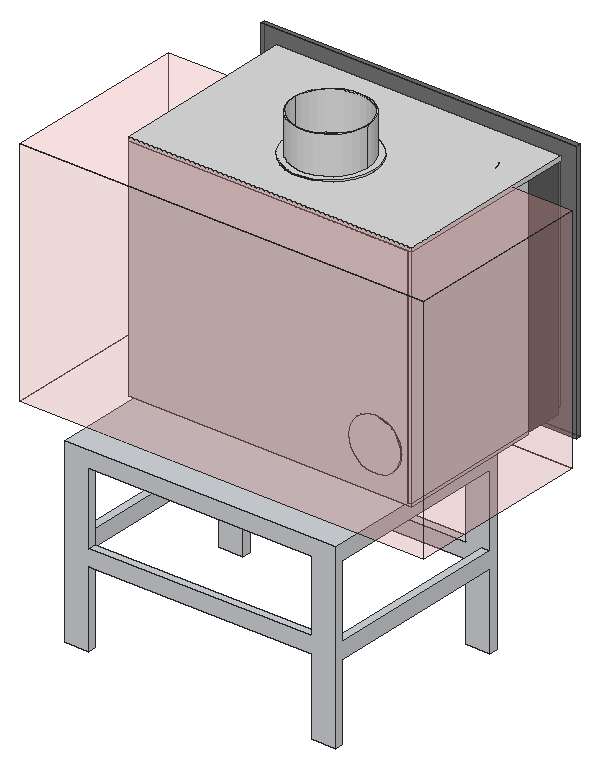
Revit family "FOGO MONTANHA-DESIGN-E709-STEEL DOOR-R19-V00", category Mechanical Equipment, host Wall, Revit 2019
Family settings
  Host = Wall
  Round Connector Dimension = Use Diameter
  Part Type = Normal
  OmniClass Number = 23.19.17.00
  Always vertical = Yes
  Cut with Voids When Loaded = No
  Shared = No
  Room Calculation Point = No
Parameters (values of type "Black Steel Door-4 sided Glass Frame 50mm")
  r_SmallDuct_Top = Diameter / 2  # 50 mm
  r_CentralDuct_Top = F / 2  # 90 mm
  r_Duct_back = 65 mm
  V = 214
  Support Table [instance] = yes
  Pu = 6.6
  Power = 9.3 kW
  Pn = 9.4
  P = 105
  Glass = Fogo Montanha-Glass
  Frame Type = FOGO MONTANHA-DESIGN-4L FRAME : E709-50mm-Glass
  Electrical Power = 32 W
  Electric tension = 230 V
  Efficiency at nominal power = "76%"
  Door_Glass_Offset = 70 mm
  Diameter = 100 mm
  Dark Glass = Fogo Montanha-Dark Glass
  URL = "https://welcome.fogo-montanha.com/pesquisar/PA2019P017"
  Door_Position = 5 mm  # constant formula
  Door = Fogo Montanha-Black Steel
  Offset_Door-Frame = 26.7 mm
  Model = "Design-E709"  # constant formula
  Manufacturer URL = "www.fogo-montanha.com"
  Manufacturer = "Fogo Montanha"  # constant formula
  Height from Level [instance] = 450 mm
  Version = "v00"  # constant formula
  Uniformat II Description = "Heat Generating Systems"  # constant formula
  Uniformat II Code = "D3020"  # constant formula
  Uniclass 2015 Name = "Space heaters"  # constant formula
  Uniclass 2015 Code = "TE_70_10_20_80"  # constant formula
  Uniclass 2.0 Description = "Space Heating And Cooling Products"  # constant formula
  Uniclass 2.0 Code = "PR-70-60-36-74"  # constant formula
  Uniclass 1.4 Description = "Fireplaces"  # constant formula
  Uniclass 1.4 Code = "L828"  # constant formula
  UNSPSC Description = "Space Heaters"  # constant formula
  UNSPSC Code = "40101819"  # constant formula
  Reference = "PA2019P017"
  Publication date = "08/2022"  # constant formula
  Number of Poles = 1
  NBS Reference Description = "Room Heaters"  # constant formula
  NBS Reference Code = "60-36-74"  # constant formula
  Masterformat 2014 Description = "Fireplaces and Stoves"  # constant formula
  Masterformat 2014 Code = "10 30 00"  # constant formula
  K = B + 13 mm  # 577 mm
  J = A + 17 mm  # 707 mm
  IfcExportType = "IfcSpaceHeaterType"  # constant formula
  IfcExportAs = "IfcSpaceHeater"  # constant formula
  G = 275 mm
  F = 180 mm
  Offset_Duct_Back = 90 mm
  Clearance Zone Visible [instance] = yes
  Clearance Zone = 150 mm
  Cl = 2.8
  CO2 = 8.6
  CO 13% O2 = 0.07
  Aux_Duct_Top = 120 mm
  Det_Door = -1 mm
  Description = "Inseríveis a lenha com ventilação tangencial incluída de série, disponíveis em preto, cinza ou porta em vidro. Incluem porta com sistema de fecho automático, ar externo canalizável através de um kit opcional, dupla combustão e câmara estanque. Possibilidade de regulação da ventilação através de um controlador GLA que, com a inclusão de um Damper, permitirá também o controlo do ar de combustão. Kit wi-fi opcional para gestão do controlador GLA à distância através de smartphone."  # constant formula
  D = 465 mm
  Body = Fogo Montanha-Steel Galvanized
  Base_Offset [instance] = if(and(Height from Level < 300 mm, Support Table), 300 mm, if(and(Height from Level > 545 mm, Support Table), 545 mm, Height from Level))  # 450 mm
  E = B  # 564 mm
  C = A  # 690 mm
  BIM Modeler URL = "www.stratbim.com"
  BIM Modeler = "StratBIM"
  B = 564 mm
  Assembly Code = "D3020"
  A = 690 mm
Types (6, lengths in mm): name | Frame Type
  Black Steel Door-4 sided Glass Frame 50mm | FOGO MONTANHA-DESIGN-4L FRAME : E709-50mm-Glass
  Black Steel Door-3 sided Glass Frame 50mm | FOGO MONTANHA-DESIGN-3L FRAME : E709-50mm-Glass
  Black Steel Door-4 sided Black Steel Frame 20mm | FOGO MONTANHA-DESIGN-4L FRAME : E709-20mm-Black Steel
  Black Steel Door-4 sided Black Steel Frame 45mm | FOGO MONTANHA-DESIGN-4L FRAME : E709-45mm-Black Steel
  Black Steel Door-3 sided Black Steel Frame 20mm | FOGO MONTANHA-DESIGN-3L FRAME : E709-20mm-Black Steel
  Black Steel Door-3 sided Black Steel Frame 45mm | FOGO MONTANHA-DESIGN-3L FRAME : E709-45mm-Black Steel
Reference planes
  plane 1 "Wall": y = 0
  plane 2 "Center (Left/Right)": x = 0
  plane 3 "Front": y = 75
  plane 4 "2": x = 345
  plane 5 "3": x = -345
  plane 6 "4": x = -345
  plane 7 "5": x = 345
  plane 8 "6": x = -353.5
  plane 9 "7": x = 353.5
  plane 10 "K'": z = 1027
  plane 11 "K": z = 450
  plane 12: y = -200
  plane 13: y = -390
  plane 14 "8": x = -50
  plane 15 "9": x = 50
  plane 16 "10": x = 263.5
  plane 17: z = 738.5
  plane 18 "B'": z = 1020.5
  plane 19 "B": z = 456.5
  plane 20 "E'": z = 1020.5
  plane 21 "E": z = 456.5
  plane 22 "L": z = 558.7
  plane 23: y = -46
  plane 24 "M": x = -233.5
  plane 25 "M'": x = 233.5
  plane 26: z = 462
  plane 27 "S": x = -348.5
  plane 28 "T": x = 348.5
  plane 29 "U": x = 321.8
  plane 30 "V": x = -321.8
  plane 31: z = 993.8
  plane 32: z = 488.7
  plane 33: z = 558.7
  plane 34: z = 923.8
  plane 35 "W": x = 251.8
  plane 36 "X": x = -251.8
  plane 37: y = -340
  plane 38 "Y": x = 100
  plane 39 "AA": x = -100
  plane 40: y = 87
  plane 41 "BB": z = 1127
  plane 42 "Origin": z = 0
  plane 43: y = -25
Forms (mm)
  Extrusion 1, solid, material "Fogo Montanha-Steel Galvanized" <- "Body", detail levels coarse
    sketch origin (0, 75, 0) x (1, 0, 0) y (0, 0, 1)
      loop
        line (353.5, 450) -> (353.5, 1020.5) -> (-353.5, 1020.5) -> (-353.5, 450) -> (353.5, 450)
    from 0 to 465
  Extrusion 2, solid, material "Fogo Montanha-Steel Galvanized" <- "Body", detail levels medium+fine
    sketch origin (-353.5, 0, 0) x (0, 1, 0) y (0, 0, 1)
      loop
        line (-25, 456.5) -> (-25, 1020.5) -> (-200, 1020.5) -> (-390, 1020.5) -> (-390, 456.5) -> (-25, 456.5)
    from 0 to 8.5
  Extrusion 3, solid, material "Fogo Montanha-Steel Galvanized" <- "Body", detail levels medium+fine
    sketch origin (353.5, 30, 0) x (0, 1, 0) y (0, 0, -1)
      loop
        line (-55, -456.5) -> (-420, -456.5) -> (-420, -1020.5) -> (-230, -1020.5) -> (-55, -1020.5) -> (-55, -456.5)
    from 0 to 8.5
  Extrusion 4, solid, material "Fogo Montanha-Steel Galvanized" <- "Body", detail levels medium+fine
    sketch origin (1420, -390, 1200) x (1, 0, 0) y (0, 0, 1)
      loop
        line (-1075, -743.5) -> (-1075, -179.5) -> (-1765, -179.5) -> (-1765, -743.5) -> (-1075, -743.5)
    from 0 to -8
  Extrusion 5, solid, material "Fogo Montanha-Steel Galvanized" <- "Body", detail levels medium+fine
    sketch origin (2348.699, 225, 1020.5) x (1, 0, 0) y (0, 1, 0)
      loop
        line (-2702.199, -150) -> (-2702.199, -615) -> (-1995.199, -615) -> (-1995.199, -150) -> (-2702.199, -150)
      loop
        circle (-2348.699, -425) r 90
    from 10 to 0
  Extrusion 6, solid, material "Fogo Montanha-Steel Galvanized" <- "Body", detail levels medium+fine
    sketch origin (2348.699, 225, 456.5) x (1, 0, 0) y (0, 1, 0)
      loop
        line (-2702.199, -250) -> (-2702.199, -615) -> (-1995.199, -615) -> (-1995.199, -250) -> (-2702.199, -250)
    from -6.5 to 0
  Extrusion 7, solid, material "Fogo Montanha-Steel Galvanized" <- "Body", detail levels medium+fine
    sketch origin (1420, -390, 1200) x (1, 0, 0) y (0, 0, 1)
      loop
        circle (-1156.5, -641.3) r 65
    from 0 to 1
  Sweep 8, solid, material "Fogo Montanha-Steel Galvanized" <- "Body"
    path in 3D
      loop
        arc (-90, -200, 1027) -> (0, -290, 1027) -> (90, -200, 1027) r 90
        arc (90, -200, 1027) -> (0, -110, 1027) -> (-90, -200, 1027) r 90
    profile origin (0, -110, 1027) x (0, -1, 0) y (0, 0, 1)
      loop
        line (0, 3.5) -> (0, 100) -> (-2, 100) -> (-2, 6.467) -> (-17, 6.467) -> (-17, 3.5) -> (0, 3.5)
  Extrusion 9, solid, material "Fogo Montanha-Dark Glass" <- "Dark Glass", detail levels medium+fine
    sketch origin (0, 75, 0) x (1, 0, 0) y (0, 0, 1)
      loop
        line (321.8, 488.7) -> (321.8, 993.8) -> (-321.8, 993.8) -> (-321.8, 488.7) -> (321.8, 488.7)
      loop
        line (251.8, 558.7) -> (251.8, 923.8) -> (-251.8, 923.8) -> (-251.8, 558.7) -> (251.8, 558.7)
    from 0 to -2
  Extrusion 10, solid, material "Fogo Montanha-Vermiculite", detail levels medium+fine
    sketch origin (-321.8, 0, 0) x (0, 1, 0) y (0, 0, 1)
      loop
        line (-25, 488.7) -> (-25, 923.8) -> (-200, 923.8) -> (-340, 738.5) -> (-340, 488.7) -> (-25, 488.7)
    from 0 to 8.5
  Extrusion 11, solid, material "Fogo Montanha-Vermiculite", detail levels medium+fine
    sketch origin (321.8, 0, 0) x (0, 1, 0) y (0, 0, 1)
      loop
        line (-25, 488.7) -> (-25, 923.8) -> (-200, 923.8) -> (-340, 738.5) -> (-340, 488.7) -> (-25, 488.7)
    from 0 to -8.5
  Extrusion 12, solid, material "Fogo Montanha-Vermiculite", detail levels medium+fine
    sketch origin (1420, -340, 1200) x (1, 0, 0) y (0, 0, 1)
      loop
        line (-1106.7, -711.3) -> (-1106.7, -461.5) -> (-1733.3, -461.5) -> (-1733.3, -711.3) -> (-1106.7, -711.3)
    from 0 to -8.5
  Extrusion 13, solid, material "Fogo Montanha-Vermiculite", detail levels medium+fine
    sketch origin (0, 0, 0) x (0, 1, 0) y (0, 0, 1)
      loop
        line (-200, 923.8) -> (-340, 738.5) -> (-329.009, 738.5) -> (-200, 910.392) -> (-200, 923.8)
    from -321.8 to 321.8
  Extrusion 14, solid, material "Fogo Montanha-Vermiculite", detail levels medium+fine
    sketch origin (2348.699, 225, 488.7) x (1, 0, 0) y (0, 1, 0)
      loop
        line (-2670.499, -250) -> (-2670.499, -565) -> (-2026.899, -565) -> (-2026.899, -250) -> (-2670.499, -250)
      loop
        line (-2248.699, -271) -> (-2448.699, -271) -> (-2448.699, -425) -> (-2248.699, -425) -> (-2248.699, -271)
    from 0 to 10
  Extrusion 15, solid, material "Fogo Montanha-Steel Galvanized", detail levels medium+fine
    sketch origin (2348.699, 225, 488.7) x (1, 0, 0) y (0, 1, 0)
      loop
        line (-2248.699, -271) -> (-2448.699, -271) -> (-2448.699, -425) -> (-2248.699, -425) -> (-2248.699, -271)
      loop
        line (-2435.699, -300) -> (-2361.699, -300)
        arc (-2361.699, -300) -> (-2359.578, -299.121) -> (-2358.699, -297) r 3
        line (-2358.699, -297) -> (-2358.699, -284)
        arc (-2358.699, -284) -> (-2359.578, -281.879) -> (-2361.699, -281) r 3
        line (-2361.699, -281) -> (-2435.699, -281)
        arc (-2435.699, -281) -> (-2437.82, -281.879) -> (-2438.699, -284) r 3
        line (-2438.699, -284) -> (-2438.699, -297)
        arc (-2438.699, -297) -> (-2437.82, -299.121) -> (-2435.699, -300) r 3
      loop
        arc (-2261.699, -300) -> (-2259.578, -299.121) -> (-2258.699, -297) r 3
        line (-2258.699, -297) -> (-2258.699, -284)
        arc (-2258.699, -284) -> (-2259.578, -281.879) -> (-2261.699, -281) r 3
        line (-2261.699, -281) -> (-2335.699, -281)
        arc (-2335.699, -281) -> (-2337.82, -281.879) -> (-2338.699, -284) r 3
        line (-2338.699, -284) -> (-2338.699, -297)
        arc (-2338.699, -297) -> (-2337.82, -299.121) -> (-2335.699, -300) r 3
        line (-2335.699, -300) -> (-2261.699, -300)
      loop
        line (-2435.699, -329) -> (-2361.699, -329)
        arc (-2361.699, -329) -> (-2359.578, -328.121) -> (-2358.699, -326) r 3
        line (-2358.699, -326) -> (-2358.699, -313)
        arc (-2358.699, -313) -> (-2359.578, -310.879) -> (-2361.699, -310) r 3
        line (-2361.699, -310) -> (-2435.699, -310)
        arc (-2435.699, -310) -> (-2437.82, -310.879) -> (-2438.699, -313) r 3
        line (-2438.699, -313) -> (-2438.699, -326)
        arc (-2438.699, -326) -> (-2437.82, -328.121) -> (-2435.699, -329) r 3
      loop
        arc (-2261.699, -329) -> (-2259.578, -328.121) -> (-2258.699, -326) r 3
        line (-2258.699, -326) -> (-2258.699, -313)
        arc (-2258.699, -313) -> (-2259.578, -310.879) -> (-2261.699, -310) r 3
        line (-2261.699, -310) -> (-2335.699, -310)
        arc (-2335.699, -310) -> (-2337.82, -310.879) -> (-2338.699, -313) r 3
        line (-2338.699, -313) -> (-2338.699, -326)
        arc (-2338.699, -326) -> (-2337.82, -328.121) -> (-2335.699, -329) r 3
        line (-2335.699, -329) -> (-2261.699, -329)
      loop
        line (-2435.699, -358) -> (-2361.699, -358)
        arc (-2361.699, -358) -> (-2359.578, -357.121) -> (-2358.699, -355) r 3
        line (-2358.699, -355) -> (-2358.699, -342)
        arc (-2358.699, -342) -> (-2359.578, -339.879) -> (-2361.699, -339) r 3
        line (-2361.699, -339) -> (-2435.699, -339)
        arc (-2435.699, -339) -> (-2437.82, -339.879) -> (-2438.699, -342) r 3
        line (-2438.699, -342) -> (-2438.699, -355)
        arc (-2438.699, -355) -> (-2437.82, -357.121) -> (-2435.699, -358) r 3
      loop
        arc (-2261.699, -358) -> (-2259.578, -357.121) -> (-2258.699, -355) r 3
        line (-2258.699, -355) -> (-2258.699, -342)
        arc (-2258.699, -342) -> (-2259.578, -339.879) -> (-2261.699, -339) r 3
        line (-2261.699, -339) -> (-2335.699, -339)
        arc (-2335.699, -339) -> (-2337.82, -339.879) -> (-2338.699, -342) r 3
        line (-2338.699, -342) -> (-2338.699, -355)
        arc (-2338.699, -355) -> (-2337.82, -357.121) -> (-2335.699, -358) r 3
        line (-2335.699, -358) -> (-2261.699, -358)
      loop
        line (-2435.699, -387) -> (-2361.699, -387)
        arc (-2361.699, -387) -> (-2359.578, -386.121) -> (-2358.699, -384) r 3
        line (-2358.699, -384) -> (-2358.699, -371)
        arc (-2358.699, -371) -> (-2359.578, -368.879) -> (-2361.699, -368) r 3
        line (-2361.699, -368) -> (-2435.699, -368)
        arc (-2435.699, -368) -> (-2437.82, -368.879) -> (-2438.699, -371) r 3
        line (-2438.699, -371) -> (-2438.699, -384)
        arc (-2438.699, -384) -> (-2437.82, -386.121) -> (-2435.699, -387) r 3
      loop
        arc (-2261.699, -387) -> (-2259.578, -386.121) -> (-2258.699, -384) r 3
        line (-2258.699, -384) -> (-2258.699, -371)
        arc (-2258.699, -371) -> (-2259.578, -368.879) -> (-2261.699, -368) r 3
        line (-2261.699, -368) -> (-2335.699, -368)
        arc (-2335.699, -368) -> (-2337.82, -368.879) -> (-2338.699, -371) r 3
        line (-2338.699, -371) -> (-2338.699, -384)
        arc (-2338.699, -384) -> (-2337.82, -386.121) -> (-2335.699, -387) r 3
        line (-2335.699, -387) -> (-2261.699, -387)
      loop
        line (-2435.699, -416) -> (-2361.699, -416)
        arc (-2361.699, -416) -> (-2359.578, -415.121) -> (-2358.699, -413) r 3
        line (-2358.699, -413) -> (-2358.699, -400)
        arc (-2358.699, -400) -> (-2359.578, -397.879) -> (-2361.699, -397) r 3
        line (-2361.699, -397) -> (-2435.699, -397)
        arc (-2435.699, -397) -> (-2437.82, -397.879) -> (-2438.699, -400) r 3
        line (-2438.699, -400) -> (-2438.699, -413)
        arc (-2438.699, -413) -> (-2437.82, -415.121) -> (-2435.699, -416) r 3
      loop
        arc (-2261.699, -416) -> (-2259.578, -415.121) -> (-2258.699, -413) r 3
        line (-2258.699, -413) -> (-2258.699, -400)
        arc (-2258.699, -400) -> (-2259.578, -397.879) -> (-2261.699, -397) r 3
        line (-2261.699, -397) -> (-2335.699, -397)
        arc (-2335.699, -397) -> (-2337.82, -397.879) -> (-2338.699, -400) r 3
        line (-2338.699, -400) -> (-2338.699, -413)
        arc (-2338.699, -413) -> (-2337.82, -415.121) -> (-2335.699, -416) r 3
        line (-2335.699, -416) -> (-2261.699, -416)
    from 0 to 10
  Extrusion 16, solid, material "Fogo Montanha-Black Steel", detail levels medium+fine
    sketch origin (0, 75, 0) x (1, 0, 0) y (0, 0, 1)
      loop
        line (321.8, 488.7) -> (321.8, 993.8) -> (-321.8, 993.8) -> (-321.8, 488.7) -> (-319.8, 488.7) -> (-319.8, 991.8) -> (319.8, 991.8) -> (319.8, 488.7) -> (321.8, 488.7)
    from 0 to 100
  Extrusion 17, solid, visible <- "Clearance Zone Visible"
    sketch origin (2348.699, 225, 1020.5) x (1, 0, 0) y (0, 1, 0)
      loop
        line (-2852.199, -300) -> (-2852.199, -765) -> (-1845.199, -765) -> (-1845.199, -300) -> (-1995.199, -300) -> (-1995.199, -615) -> (-2702.199, -615) -> (-2702.199, -300) -> (-2852.199, -300)
    from -570.5 to 6.5
  Extrusion 18, solid
    sketch origin (2348.699, 225, 1027) x (1, 0, 0) y (0, 1, 0)
      loop
        circle (-2115.199, -271) r 50
    from 0 to 1
  Extrusion 19, solid
    sketch origin (2348.699, 225, 1027) x (1, 0, 0) y (0, 1, 0)
      loop
        circle (-2582.199, -271) r 50
    from 0 to 1
  Extrusion 20, solid, material "Fogo Montanha-Black Steel", detail levels medium+fine
    sketch origin (1420, -25, 1200) x (1, 0, 0) y (0, 0, 1)
      loop
        line (-1098.2, -711.3) -> (-1098.2, -206.2) -> (-1741.8, -206.2) -> (-1741.8, -711.3) -> (-1098.2, -711.3)
      loop
        line (-1075, -750) -> (-1075, -179.5) -> (-1765, -179.5) -> (-1765, -750) -> (-1075, -750)
    from 0 to -10
  Extrusion 21, solid, material "Fogo Montanha-Black Steel", detail levels medium+fine
    sketch origin (0, 75, 0) x (1, 0, 0) y (0, 0, 1)
      loop
        line (321.8, 486.7) -> (321.8, 993.8) -> (-321.8, 993.8) -> (-321.8, 486.7) -> (321.8, 486.7)
      loop
        line (319.8, 488.7) -> (319.8, 991.8) -> (-319.8, 991.8) -> (-319.8, 488.7) -> (319.8, 488.7)
    from 0 to 100
  Extrusion 22, solid, material "Fogo Montanha-Black Steel", detail levels medium+fine
    sketch origin (0, 75, 0) x (1, 0, 0) y (0, 0, 1)
      loop
        line (347, 450) -> (347, 1020.5) -> (-347, 1020.5) -> (-347, 450) -> (347, 450)
      loop
        line (345, 452) -> (345, 1018.5) -> (-345, 1018.5) -> (-345, 452) -> (345, 452)
    from 0 to 100
  Extrusion 23, solid, material "Fogo Montanha-Dark Glass", detail levels medium+fine
    sketch origin (0, 75, 0) x (1, 0, 0) y (0, 0, 1)
      loop
        line (321.8, 488.7) -> (321.8, 993.8) -> (-321.8, 993.8) -> (-321.8, 488.7) -> (321.8, 488.7)
      loop
        line (-251.8, 558.7) -> (251.8, 558.7) -> (251.8, 923.8) -> (-251.8, 923.8) -> (-251.8, 558.7)
    from 0 to 2
  Extrusion 24, solid, material "Fogo Montanha-Glass" <- "Glass", detail levels medium+fine
    sketch origin (0, 75, 0) x (1, 0, 0) y (0, 0, 1)
      loop
        line (251.8, 558.7) -> (251.8, 923.8) -> (-251.8, 923.8) -> (-251.8, 558.7) -> (251.8, 558.7)
    from 0 to 2
  Extrusion 25, solid, material "Fogo Montanha-Steel", detail levels medium+fine
    sketch origin (0, 0, 0) x (0, 1, 0) y (0, 0, 1)
      loop
        line (-46, 952.8) -> (-46, 960.8) -> (-250, 960.8) -> (-250, 935.347) -> (-200, 935.347) -> (-180, 923.8) -> (-75, 923.8) -> (-46, 952.8)
    from -150 to 150
  Extrusion 26, solid, material "Fogo Montanha-Black Steel", detail levels medium+fine
    sketch origin (0, 0, 103.5) x (1, 0, 0) y (0, 0, 1)
      loop
        line (321.8, 385.2) -> (321.8, 890.3) -> (-321.8, 890.3) -> (-321.8, 385.2) -> (321.8, 385.2)
      loop
        line (-251.8, 455.2) -> (251.8, 455.2) -> (251.8, 820.3) -> (-251.8, 820.3) -> (-251.8, 455.2)
    from -20 to -22
  Extrusion 27, solid, material "Fogo Montanha-Black Steel", detail levels medium+fine
    sketch origin (0, 75, 107.7) x (1, 0, 0) y (0, 0, 1)
      loop
        line (321.8, 451) -> (-321.8, 451) -> (-321.8, 449) -> (321.8, 449) -> (321.8, 451)
    from 2 to 53
Cuts and joins
  joined: Extrusion 10, Extrusion 11, Extrusion 12, Extrusion 13, Extrusion 14
  joined: Extrusion 21, Extrusion 27
  joined: Extrusion 16, Extrusion 26
  joined: Extrusion 2, Extrusion 4, Extrusion 6
Lines and regions (mm)
  Opening 1
    outline origin (-5000, -75, 0) x (1, 0, 0) y (0, 0, 1)
      loop
        line (4646.5, 450) -> (5353.5, 450) -> (5353.5, 1027) -> (4646.5, 1027) -> (4646.5, 450)
  reference lines
    curve 1: circle (0, -200, 1027) r 90 normal (0, 0, 1)
    curve 2: circle (263.5, 75, 558.7) r 65 normal (0, -1, 0)
    curve 4: circle (-233.5, -46, 1020.5) r 50 normal (0, 0, 1)
    curve 5: circle (233.5, -46, 1020.5) r 50 normal (0, 0, 1)
  sketch lines
    curve 3: circle (0, -200, 1027) r 90 normal (0, 0, 1)
Text (mm)
  text "Placement side" at (-1304.494, 278.82, 0), in view "Ref. Level"
  text "Placement side" at (0, 1334.055, 2976.191), in view "Left"
  text "Placement side" at (0, 439.194, 2944.362), in view "Right"
Dimensions and locks
  locked: plane 3 "Front" to host wall at 0
  "C": plane 4 "2" to plane 5 "3"
  equal spacing: plane 4 "2", plane 2 "Center (Left/Right)", plane 5 "3"
  equal spacing: plane 7 "5", plane 2 "Center (Left/Right)", plane 6 "4"
  "A": plane 7 "5" to plane 6 "4"
  equal spacing: plane 9 "7", plane 2 "Center (Left/Right)", plane 8 "6"
  "J": plane 8 "6" to plane 9 "7"
  "K": plane 11 "K" to plane 10 "K'"
  "Base_Offset": level to plane 11 "K"
  equal spacing: plane 14 "8", plane 2 "Center (Left/Right)", plane 15 "9"
  plane 14 "8" to plane 15 "9" = 100 mm
  equal spacing: plane 11 "K", plane 17, plane 10 "K'"
  equal spacing: plane 19 "B", plane 17, plane 18 "B'"
  "B": plane 19 "B" to plane 18 "B'"
  equal spacing: plane 21 "E", plane 17, plane 20 "E'"
  "E": plane 21 "E" to plane 20 "E'"
  "Offset_Duct_Back": plane 9 "7" to plane 16 "10"
  locked: plane 11 "K" to plane 22 "L" at 108.7
  "Aux_Duct_Top": plane 8 "6" to plane 24 "M"
  "Aux_Duct_Top": plane 25 "M'" to plane 9 "7"
  "Offset_Door-Frame": plane 26 to plane 32
  "Offset_Door-Frame": plane 28 "T" to plane 29 "U"
  "Offset_Door-Frame": plane 30 "V" to plane 27 "S"
  "Door_Glass_Offset": plane 32 to plane 33
  "Door_Glass_Offset": plane 34 to plane 31
  "Door_Glass_Offset": plane 29 "U" to plane 35 "W"
  "Door_Glass_Offset": plane 36 "X" to plane 30 "V"
  locked: plane 13 to plane 37 at 50
  locked: plane 3 "Front" to plane 40 at 12
  Extrusion 15 sketch curve to Extrusion 15 sketch curve to Extrusion 15 sketch curve to Extrusion 15 sketch curve to Extrusion 15 sketch curve to Extrusion 15 sketch curve = 10 mm locked, 80 mm locked, 20 mm locked, 80 mm locked, 10 mm locked
  Extrusion 15 sketch curve to Extrusion 15 sketch curve to Extrusion 15 sketch curve to Extrusion 15 sketch curve to Extrusion 15 sketch curve to Extrusion 15 sketch curve to Extrusion 15 sketch curve to Extrusion 15 sketch curve to Extrusion 15 sketch curve to Extrusion 15 sketch curve to Extrusion 15 sketch curve to Extrusion 15 sketch curve = 10 mm locked, 19 mm locked, 10 mm locked, 19 mm locked, 10 mm locked, 19 mm locked, 10 mm locked, 19 mm locked, 10 mm locked, 19 mm locked, 9 mm locked
  "Door_Position": plane 9 "7" to plane 28 "T"
  "Door_Position": plane 27 "S" to plane 8 "6"
  locked: plane 43 to plane 3 "Front" at 100
  "Clearance Zone": Extrusion 17 sketch curve to Extrusion 17 sketch curve  (x3)
  locked: Extrusion 9 to Extrusion 16 at 2
  locked: Extrusion 16 to Extrusion 9 at 2  (x2)
  locked: Extrusion 21 sketch curve to Extrusion 9 at 2
  "Offset_Door-Frame": plane 31 to plane 20 "E'"
  locked: plane 10 "K'" to plane 41 "BB" at 100
  Extrusion 27 sketch curve to plane 33 = 2 mm
  plane 11 "K" to Extrusion 22 sketch curve = 2 mm
  locked: Extrusion 22 sketch curve to plane 20 "E'" at 2
  locked: Extrusion 22 sketch curve to plane 7 "5" at 2
  locked: plane 6 "4" to Extrusion 22 sketch curve at 2
  plane 11 "K" to plane 21 "E" = 6.5 mm
  locked: plane 11 "K" to plane 26 at 12
  locked: plane 23 to plane 43 at 21
  locked: plane 12 to plane 23 at 154
  locked: plane 37 to plane 12 at 140
  locked: plane 43 to plane 1 "Wall" at 25
  locked: cut or joined group of Extrusion 16, Extrusion 26 to plane 40 at 65
  locked: cut or joined group of Extrusion 16, Extrusion 26 to cut or joined group of Extrusion 16, Extrusion 26 at 2
  "r_CentralDuct_Top": radius of curve 1
  "r_Duct_back": radius of curve 2
  "r_SmallDuct_Top": radius of curve 5
  "r_SmallDuct_Top": radius of curve 4
  aligned and locked: plane 8 "6" to Opening 1 sketch curve
  aligned and locked: Opening 1 sketch curve to plane 9 "7"
  aligned and locked: plane 10 "K'" to Opening 1 sketch curve
  aligned and locked: plane 11 "K" to Opening 1 sketch curve
  aligned and locked: plane 8 "6" to Extrusion 1 sketch curve
  aligned and locked: Extrusion 1 sketch curve to plane 9 "7"
  aligned and locked: plane 18 "B'" to Extrusion 1 sketch curve
  aligned and locked: plane 13 to Extrusion 1
  aligned and locked: plane 19 "B" to Extrusion 2 sketch curve
  aligned and locked: plane 18 "B'" to Extrusion 2 sketch curve
  aligned and locked: plane 13 to Extrusion 2 sketch curve
  aligned and locked: Extrusion 3 sketch curve to plane 18 "B'"
  aligned and locked: Extrusion 3 sketch curve to plane 13
  aligned and locked: Extrusion 3 sketch curve to plane 19 "B"
  aligned and locked: plane 4 "2" to Extrusion 4 sketch curve
  aligned and locked: plane 5 "3" to Extrusion 4 sketch curve
  aligned and locked: plane 21 "E" to Extrusion 4 sketch curve
  aligned and locked: plane 20 "E'" to Extrusion 4 sketch curve
  aligned and locked: plane 5 "3" to Extrusion 2
  aligned and locked: Extrusion 3 to plane 4 "2"
  aligned and locked: Extrusion 5 sketch curve to plane 8 "6"
  aligned and locked: plane 9 "7" to Extrusion 5 sketch curve
  aligned and locked: Extrusion 5 sketch curve to plane 13
  aligned and locked: Extrusion 5 sketch curve to curve 1
  aligned and locked: plane 9 "7" to Extrusion 6 sketch curve
  aligned and locked: Extrusion 6 sketch curve to plane 8 "6"
  aligned and locked: Extrusion 6 sketch curve to plane 13
  aligned and locked: Extrusion 7 sketch curve to curve 2
  aligned and locked: plane 24 "M" to curve 4
  aligned and locked: plane 23 to curve 4
  aligned and locked: plane 23 to curve 5
  aligned and locked: plane 25 "M'" to curve 5
  aligned and locked: plane 32 to Extrusion 9 sketch curve
  aligned and locked: Extrusion 9 sketch curve to plane 29 "U"
  aligned and locked: Extrusion 9 sketch curve to plane 31
  aligned and locked: plane 30 "V" to Extrusion 9 sketch curve
  aligned and locked: Extrusion 10 to plane 32
  aligned and locked: plane 34 to Extrusion 10 sketch curve
  aligned and locked: plane 12 to Extrusion 10 sketch curve
  aligned and locked: Extrusion 12 to Extrusion 10
  aligned and locked: Extrusion 12 to Extrusion 11
  aligned and locked: Extrusion 11 sketch curve to Extrusion 12
  aligned and locked: Extrusion 10 sketch curve to plane 37
  aligned and locked: plane 17 to Extrusion 12
  aligned and locked: plane 17 to Extrusion 10 sketch curve
  aligned and locked: plane 17 to Extrusion 11 sketch curve
  aligned and locked: Extrusion 13 sketch curve to Extrusion 10
  aligned and locked: plane 17 to Extrusion 13 sketch curve
  aligned and locked: plane 12 to Extrusion 13 sketch curve
  aligned and locked: plane 29 "U" to Extrusion 13
  aligned and locked: Extrusion 13 to plane 30 "V"
  aligned and locked: Extrusion 10 to Extrusion 12
  aligned and locked: Extrusion 14 sketch curve to plane 30 "V"
  aligned and locked: Extrusion 14 sketch curve to plane 37
  aligned and locked: Extrusion 14 sketch curve to plane 29 "U"
  aligned and locked: plane 12 to Extrusion 14 sketch curve
  aligned and locked: Extrusion 14 sketch curve to plane 23
  aligned and locked: Extrusion 14 sketch curve to plane 39 "AA"
  aligned and locked: plane 38 "Y" to Extrusion 14 sketch curve
  aligned and locked: Extrusion 15 sketch curve to plane 38 "Y"
  aligned and locked: Extrusion 15 sketch curve to plane 23
  aligned and locked: Extrusion 15 to plane 32
  aligned and locked: Extrusion 14 to Extrusion 15
  aligned and locked: Extrusion 15 sketch curve to Extrusion 15 sketch curve  (x26)
  aligned and locked: nested 1 to plane 2 "Center (Left/Right)"
  aligned and locked: plane 41 "BB" to Sweep 8 sketch curve
  aligned and locked: Extrusion 5 to Sweep 8 sketch curve
  aligned and locked: level to plane 42 "Origin"
  aligned and locked: Extrusion 10 sketch curve to plane 43
  aligned and locked: plane 43 to Extrusion 3 sketch curve
  aligned and locked: Extrusion 2 sketch curve to plane 43
  aligned and locked: plane 29 "U" to Extrusion 16 sketch curve
  aligned and locked: plane 31 to Extrusion 16 sketch curve
  aligned and locked: plane 30 "V" to Extrusion 16 sketch curve
  aligned and locked: Extrusion 16 sketch curve to plane 32
  aligned and locked: plane 32 to Extrusion 16 sketch curve
  aligned and locked: plane 43 to Extrusion 16
  aligned and locked: Extrusion 14 sketch curve to plane 43
  aligned and locked: Extrusion 17 sketch curve to host wall
  aligned and locked: host wall to Extrusion 17 sketch curve
  aligned and locked: Extrusion 17 to host wall  (x2)
  aligned and locked: Extrusion 18 sketch curve to curve 5
  aligned and locked: Extrusion 19 sketch curve to curve 4
  aligned and locked: Extrusion 6 to plane 11 "K"
  aligned and locked: nested 1 to plane 17
  aligned and locked: Extrusion 22 sketch curve to plane 7 "5"
  aligned and locked: Extrusion 22 sketch curve to plane 20 "E'"
  aligned and locked: plane 6 "4" to Extrusion 22 sketch curve
  aligned and locked: plane 31 to Extrusion 23 sketch curve
  aligned and locked: Extrusion 23 sketch curve to plane 30 "V"
  aligned and locked: plane 29 "U" to Extrusion 23 sketch curve
  aligned and locked: Extrusion 23 sketch curve to plane 32
  aligned and locked: Extrusion 6 to Extrusion 2
  aligned and locked: plane 35 "W" to Extrusion 9 sketch curve
  aligned and locked: plane 34 to Extrusion 9 sketch curve
  aligned and locked: plane 36 "X" to Extrusion 9 sketch curve
  aligned and locked: plane 33 to Extrusion 9 sketch curve
  aligned and locked: plane 35 "W" to Extrusion 24 sketch curve
  aligned and locked: plane 34 to Extrusion 24 sketch curve
  aligned and locked: plane 33 to Extrusion 24 sketch curve
  aligned and locked: plane 36 "X" to Extrusion 24 sketch curve
  aligned and locked: Extrusion 11 sketch curve to plane 43
  aligned and locked: plane 23 to Extrusion 25 sketch curve
  aligned and locked: Extrusion 27 to Extrusion 26
  aligned and locked: Extrusion 27 sketch curve to plane 33
  aligned and locked: plane 29 "U" to Extrusion 26 sketch curve
  aligned and locked: Extrusion 26 sketch curve to plane 30 "V"
  aligned and locked: plane 29 "U" to Extrusion 27
  aligned and locked: Extrusion 27 to plane 30 "V"
  aligned and locked: Extrusion 26 sketch curve to plane 34
  aligned and locked: plane 31 to Extrusion 26 sketch curve
  aligned and locked: plane 9 "7" to Extrusion 17 sketch curve
  aligned and locked: Extrusion 17 sketch curve to plane 8 "6"
  aligned and locked: plane 13 to Extrusion 17 sketch curve
  aligned and locked: Extrusion 20 sketch curve to plane 20 "E'"
  aligned and locked: Extrusion 20 sketch curve to plane 31
  aligned and locked: Extrusion 20 sketch curve to plane 32
  aligned and locked: Extrusion 20 sketch curve to plane 7 "5"
  aligned and locked: Extrusion 20 sketch curve to plane 29 "U"
  aligned and locked: Extrusion 20 sketch curve to plane 6 "4"
  aligned and locked: Extrusion 20 sketch curve to plane 30 "V"
  aligned and locked: plane 33 to Extrusion 26 sketch curve
  aligned and locked: Extrusion 26 sketch curve to plane 32
  aligned and locked: Extrusion 1 sketch curve to plane 11 "K"
  aligned and locked: Extrusion 22 sketch curve to plane 11 "K"
  aligned and locked: Extrusion 20 sketch curve to plane 11 "K"
  aligned and locked: nested 2 to plane 2 "Center (Left/Right)"
  aligned and locked: nested 2 to host wall
  aligned and locked: Extrusion 27 to cut or joined group of Extrusion 16, Extrusion 26
  aligned and locked: Extrusion 27 to Extrusion 23
Automatic sketch dimensions
  Extrusion 2 sketch curve to plane 12 = 0 mm
  Extrusion 3 sketch curve to plane 12 = 0 mm
  Extrusion 5 sketch curve to host wall = 0 mm
  Sweep 8 sketch curve to profile plane = 0 mm
  profile plane to Sweep 8 sketch curve = 2 mm
  profile plane to Sweep 8 sketch curve = 6.467 mm
  Sweep 8 sketch curve to Sweep 8 sketch curve = 15 mm
  Extrusion 10 sketch curve to plane 32 = 0 mm
  Extrusion 12 sketch curve to plane 32 = 0 mm
  Extrusion 12 sketch curve to plane 17 = 0 mm
  plane 30 "V" to Extrusion 12 sketch curve = 8.5 mm
  Extrusion 12 sketch curve to plane 29 "U" = 8.5 mm
  Extrusion 13 sketch curve to plane 37 = 10.991 mm
  Extrusion 13 sketch curve to plane 34 = 13.408 mm
  Extrusion 15 sketch curve to Extrusion 15 sketch curve = 3 mm  (x40)
  plane 30 "V" to Extrusion 16 sketch curve = 2 mm
  Extrusion 16 sketch curve to plane 29 "U" = 2 mm
  Extrusion 16 sketch curve to plane 31 = 2 mm
  Extrusion 21 sketch curve to plane 30 "V" = 0 mm
  Extrusion 21 sketch curve to plane 32 = 0 mm
  Extrusion 21 sketch curve to plane 29 "U" = 0 mm
  Extrusion 21 sketch curve to plane 31 = 0 mm
  plane 30 "V" to Extrusion 21 sketch curve = 2 mm
  Extrusion 21 sketch curve to plane 29 "U" = 2 mm
  Extrusion 21 sketch curve to plane 31 = 2 mm
  Extrusion 23 sketch curve to plane 34 = 0 mm
  Extrusion 23 sketch curve to plane 36 "X" = 0 mm
  Extrusion 23 sketch curve to plane 22 "L" = 0 mm
  Extrusion 23 sketch curve to plane 35 "W" = 0 mm
  Extrusion 11 sketch curve to plane 12 = 0 mm
  Extrusion 11 sketch curve to plane 34 = 0 mm
  Extrusion 11 sketch curve to plane 32 = 0 mm
  Extrusion 26 sketch curve to plane 24 "M" = 18.3 mm
  Extrusion 26 sketch curve to plane 25 "M'" = 18.3 mm
  Extrusion 27 sketch curve to plane 36 "X" = 70 mm
  plane 16 "10" to Extrusion 27 sketch curve = 58.3 mm
  plane 43 to Extrusion 6 sketch curve = 0 mm
  Extrusion 25 sketch curve to plane 12 = 0 mm
  Extrusion 25 sketch curve to plane 34 = 0 mm
  plane 34 to Extrusion 25 sketch curve = 11.547 mm
  Extrusion 25 sketch curve to Extrusion 25 sketch curve = 50 mm
  plane 23 to Extrusion 25 sketch curve = 29 mm
  plane 34 to Extrusion 25 sketch curve = 29 mm
  Extrusion 25 sketch curve to plane 12 = 20 mm
  Extrusion 25 sketch curve to Extrusion 25 sketch curve = 8 mm
  curve 2 to plane 16 "10" = 0 mm
  curve 2 to plane 22 "L" = 0 mm
  curve 4 to plane 24 "M" = 0 mm
  curve 1 to plane 2 "Center (Left/Right)" = 0 mm
  plane 12 to curve 1 = 0 mm
Nested families
  nested 1: "FOGO MONTANHA-DESIGN-4L FRAME" at (0, 75, 738.5) x (-1, 0, 0) z (0, 1, 0), type <- "Frame Type", type "E709-50mm-Glass"
    with Width 50 mm, B 556 mm, A 688 mm
  nested 2: "FOGO MONTANHA-SUPPORT TABLE-R19-V00" at (0, -75, 0) x (-1, 0, 0) z (0, 0, 1), visible <- "Support Table", H <- "Base_Offset", type "PA1090G049"
    with H 450 mm
Connectors
  hvac at (0, -200, 1127), driven by "F"
    settings: on Sweep 8, index 1, duct flow 0.0 L/s, flow factor 0, pres drop 0.0 Pa, loss coef 0, conn angle 0.00°, conn width 304.8 mm, conn height 304.8 mm, conn diameter 180 mm, duct sys type 3, conn prof type 0, flow config 0, flow direction 2, loss method 0, conn ref index -1, conn util no, is conn primary yes, conn desc ""
  electrical at (-353.5, -206, 794.9), driven by "Number of Poles", driven by "Electric tension", driven by "Electrical Power"
    settings: on Extrusion 2, index 3, voltage 230 V, apparent load 32 VA, apparent load phase1 0 VA, apparent load phase2 0 VA, apparent load phase3 0 VA, power factor 1, load classification "Other", number of poles 1, system type 30, power factor state 1, is connector primary yes, connector utility no, sub classification motor no, connector description ""
  hvac at (263.5, -390, 558.7), driven by "Diameter"
    settings: on Extrusion 7, index 4, duct flow 0.0 L/s, flow factor 0, pres drop 0.0 Pa, loss coef 0, conn angle 0.00°, conn width 304.8 mm, conn height 304.8 mm, conn diameter 100 mm, duct sys type 1, conn prof type 0, flow config 0, flow direction 1, loss method 0, conn ref index -1, conn util no, is conn primary no, conn desc ""
  hvac at (-233.5, -46, 1028), driven by "Diameter"
    settings: on Extrusion 19, index 5, duct flow 0.0 L/s, flow factor 0, pres drop 0.0 Pa, loss coef 0, conn angle 0.00°, conn width 304.8 mm, conn height 304.8 mm, conn diameter 100 mm, duct sys type 3, conn prof type 0, flow config 0, flow direction 2, loss method 0, conn ref index -1, conn util no, is conn primary no, conn desc ""
  hvac at (233.5, -46, 1028), driven by "Diameter"
    settings: on Extrusion 18, index 6, duct flow 0.0 L/s, flow factor 0, pres drop 0.0 Pa, loss coef 0, conn angle 0.00°, conn width 304.8 mm, conn height 304.8 mm, conn diameter 100 mm, duct sys type 3, conn prof type 0, flow config 0, flow direction 2, loss method 0, conn ref index -1, conn util no, is conn primary no, conn desc ""
Definition of nested family "FOGO MONTANHA-DESIGN-4L FRAME"
  Parameters (values of type "E609-20mm")
    Width = 20 mm
    Uniformat II Description = "Other HVAC Systems & Equipment"
    Uniformat II Code = "D3090"
    Uniclass 2015 Name = "Fireplace Surrounds"
    Uniclass 2015 Code = "PR_70_60_80_32"
    URL = "https://www.fogo-montanha.com/pt"
    UNSPSC Code = "40101819"
    Thickness = 12 mm
    Reference = "MO2070P132"
    Model = "Design 4 Sided"  # constant formula
    Masterformat 2014 Description = "Fireplace Specialties"
    Masterformat 2014 Code = "10 32 00"
    Manufacturer = "Fogo Montanha"  # constant formula
    Frame Material = none
    Default Elevation = 1219.2 mm
    B = 488 mm
    A = 588 mm
  Types (15, lengths in mm): name | Width | Reference | Default Elevation | B | A
    E609H-50mm | 50 | "MO2070V016" | 1219.2 | 690 | 587
    E609H-45mm | 45 | "MO2070P134" | 1219.2 | 690 | 587
    E609H-20mm | 20 | "MO2070P136" | 1219.2 | 690 | 587
    E609-50mm | 50 | "MO2070V014" | 1219.2 | 488 | 588
    E709-50mm | 50 | "MO2070V018" | 1219.2 | 556 | 688
    E809-50mm | 50 | "MO2070V020" | 1219.2 | 628 | 788
    E909-50mm | 50 | "MO2070V023" | 1219.2 | 698 | 888
    E609-45mm | 45 | "MO2070P130" | 1219.2 | 488 | 588
    E709-45mm | 45 | "MO2070P138" | 5 | 556 | 688
    E809-45mm | 45 | "MO2070P142" | 1219.2 | 628 | 788
    E909-45mm | 45 | "MO2070P146" | 1219.2 | 698 | 888
    E609-20mm | 20 | "MO2070P132" | 1219.2 | 488 | 588
    E709-20mm | 20 | "MO2070P140" | 1219.2 | 556 | 688
    E809-20mm | 20 | "MO2070P144" | 1219.2 | 628 | 788
    E909-20mm | 20 | "MO2070P148" | 1219.2 | 698 | 888
  Reference planes
    plane 1 "Center (Front/Back)": y = 0
    plane 2: z = 0
    plane 3 "Center (Left/Right)": x = 0
    plane 4: x = -294
    plane 5: x = 294
    plane 6: y = 244
    plane 7: y = -244
    plane 8: x = -314
    plane 9: z = 12
  Forms (mm)
    Extrusion 1, solid
      sketch origin (0, 0, 0) x (1, 0, 0) y (0, 1, 0)
        loop
          line (-1219.2, 1219.2) -> (-1219.2, -1219.2) -> (1219.2, -1219.2) -> (1219.2, 1219.2) -> (-1219.2, 1219.2)
      from 0 to -304.8
    Sweep 2, solid, material <- "Frame Material"
      path origin (0, 0, 0) x (1, 0, 0) y (0, 1, 0)
        loop
          line (-294, -244) -> (294, -244) -> (294, 244) -> (-294, 244) -> (-294, -244)
      profile origin (-294, 0, 0) x (1, 0, 0) y (0, 0, 1)
        loop
          line (-20, 12) -> (-20, 0) -> (0, 0) -> (0, 12) -> (-20, 12)
  Dimensions and locks
    equal spacing: plane 6, plane 1 "Center (Front/Back)", plane 7
    "B": plane 6 to plane 7
    equal spacing: plane 4, plane 3 "Center (Left/Right)", plane 5
    "A": plane 4 to plane 5
    "Thickness": plane 9 to plane 2
    "Width": plane 4 to plane 8
    aligned and locked: plane 2 to Extrusion 1
    aligned and locked: level to Extrusion 1
    aligned and locked: plane 7 to Sweep 2 sketch curve
    aligned and locked: Sweep 2 sketch curve to plane 4  (x2)
    aligned and locked: plane 6 to Sweep 2 sketch curve
    aligned and locked: Sweep 2 sketch curve to plane 5
    aligned and locked: Sweep 2 sketch curve to plane 9
    aligned and locked: Sweep 2 sketch curve to plane 8
    aligned and locked: Sweep 2 sketch curve to plane 2
  Automatic sketch dimensions
    Extrusion 1 sketch curve to Extrusion 1 sketch curve = 2438.4 mm  (x2)
Definition of nested family "FOGO MONTANHA-SUPPORT TABLE-R19-V00"
  Parameters (values of type "PA1090G049")
    URL = "https://fogo-montanha.com"
    Reference = "PA1090G049"
    P = 533 mm
    Model = "Support Table"  # constant formula
    Manufacturer = "Fogo Montanha"  # constant formula
    L = 677 mm
    H [instance] = 420 mm
    Description = "Mesa de suporte PA1090G049 compatível com os modelos Classic E601,Classic E701, Design E709, Design E609 e Design E609H."
  Types (4, lengths in mm): name | Reference | P | L | H | Description
    (no name) | "PA1090G049" | 533 | 677 | 420 | "Mesa de suporte PA1090G049 compatível com os modelos Classic E601,Classic E701, Design E709, Design E609 e Design E609H."
    PA1090G027 | "PA1090G027" | 470 | 677 | 300 | "Mesa de suporte PA1090G027 compatível com os modelos SQUARE D e SQUARE V."
    PA1090G049 | "PA1090G049" | 533 | 677 | 420 | "Mesa de suporte PA1090G049 compatível com os modelos Classic E601,Classic E701, Design E709, Design E609 e Design E609H."
    PA1090G051 | "PA1090G051" | 533 | 877 | 504 | "Mesa de suporte PA1090G051 compatível com os modelos Classic E901, Classic E801, Design E909 e Design E809."
  Reference planes
    plane 1 "Center (Front/Back)": y = 0
    plane 2: z = 0
    plane 3 "Center (Left/Right)": x = 0
    plane 4: x = -338.5
    plane 5: x = -318.5
    plane 6: x = -278.5
    plane 7: x = 278.5
    plane 8: x = 318.5
    plane 9: x = 338.5
    plane 10: y = 533
    plane 11: y = 513
    plane 12: y = 50
    plane 13: y = 30
    plane 14: z = 420
    plane 15: z = 380
    plane 16: z = 200
    plane 17: z = 160
  Forms (mm)
    Extrusion 1, solid
      sketch origin (0, 0, 0) x (1, 0, 0) y (0, 1, 0)
        loop
          line (-338.5, 533) -> (-338.5, 513) -> (-278.5, 513) -> (-278.5, 533) -> (-338.5, 533)
        loop
          line (-338.5, 30) -> (-278.5, 30) -> (-278.5, 50) -> (-338.5, 50) -> (-338.5, 30)
        loop
          line (278.5, 50) -> (278.5, 30) -> (338.5, 30) -> (338.5, 50) -> (278.5, 50)
        loop
          line (278.5, 533) -> (278.5, 513) -> (338.5, 513) -> (338.5, 533) -> (278.5, 533)
      from 0 to 380
    Extrusion 2, solid
      sketch origin (0, 0, 0) x (1, 0, 0) y (0, 1, 0)
        loop
          line (-338.5, 533) -> (-338.5, 30) -> (-278.5, 30) -> (-278.5, 0) -> (278.5, 0) -> (278.5, 30) -> (338.5, 30) -> (338.5, 533) -> (-338.5, 533)
      from 380 to 420
    Extrusion 3, solid
      sketch origin (0, 0, 0) x (1, 0, 0) y (0, 1, 0)
        loop
          line (338.5, 533) -> (-338.5, 533) -> (-338.5, 30) -> (338.5, 30) -> (338.5, 533)
        loop
          line (318.5, 513) -> (-318.5, 513) -> (-318.5, 50) -> (318.5, 50) -> (318.5, 513)
      from 160 to 200
  Cuts and joins
    joined: Extrusion 1, Extrusion 2, Extrusion 3
  Dimensions and locks
    locked: plane 4 to plane 5 at 20
    locked: plane 4 to plane 6 at 60
    locked: plane 7 to plane 9 at 60
    equal spacing: plane 4, plane 3 "Center (Left/Right)", plane 9
    "L": plane 4 to plane 9
    locked: plane 10 to plane 11 at 20
    locked: plane 12 to plane 13 at 20
    locked: plane 13 to plane 1 "Center (Front/Back)" at 30
    "P": plane 1 "Center (Front/Back)" to plane 10
    locked: plane 14 to plane 15 at 40
    locked: plane 15 to plane 16 at 180
    locked: plane 16 to plane 17 at 40
    "H": plane 14 to level
    locked: plane 8 to plane 9 at 20
    aligned and locked: level to plane 2
    aligned and locked: Extrusion 1 sketch curve to plane 10  (x2)
    aligned and locked: Extrusion 1 sketch curve to plane 11  (x2)
    aligned and locked: Extrusion 1 sketch curve to plane 6  (x2)
    aligned and locked: Extrusion 1 sketch curve to plane 4  (x2)
    aligned and locked: Extrusion 1 sketch curve to plane 13  (x2)
    aligned and locked: Extrusion 1 sketch curve to plane 12  (x2)
    aligned and locked: Extrusion 1 sketch curve to plane 9  (x2)
    aligned and locked: Extrusion 1 sketch curve to plane 7  (x2)
    aligned and locked: plane 15 to Extrusion 1
    aligned and locked: Extrusion 2 sketch curve to plane 10
    aligned and locked: Extrusion 2 sketch curve to plane 9
    aligned and locked: Extrusion 2 sketch curve to plane 13  (x2)
    aligned and locked: Extrusion 2 sketch curve to plane 1 "Center (Front/Back)"
    aligned and locked: Extrusion 2 sketch curve to plane 4
    aligned and locked: Extrusion 2 sketch curve to plane 6
    aligned and locked: Extrusion 2 sketch curve to plane 7
    aligned and locked: plane 14 to Extrusion 2
    aligned and locked: Extrusion 2 to plane 15
    aligned and locked: Extrusion 3 sketch curve to plane 9
    aligned and locked: Extrusion 3 sketch curve to plane 8
    aligned and locked: Extrusion 3 sketch curve to plane 5
    aligned and locked: Extrusion 3 sketch curve to plane 4
    aligned and locked: Extrusion 3 sketch curve to plane 11
    aligned and locked: Extrusion 3 sketch curve to plane 10
    aligned and locked: Extrusion 3 sketch curve to plane 12
    aligned and locked: Extrusion 3 sketch curve to plane 13
    aligned and locked: plane 16 to Extrusion 3
    aligned and locked: Extrusion 3 to plane 17
